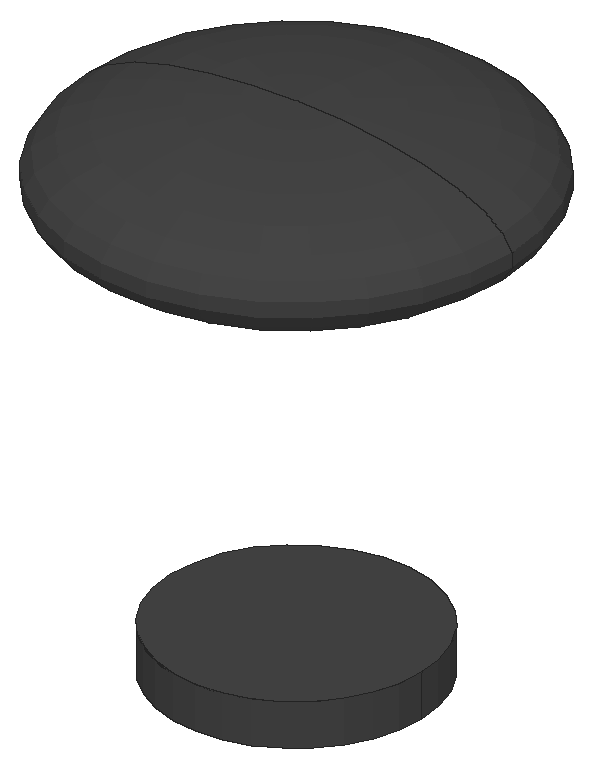
Revit family "Finca Palma", category Vegetación, Revit 2027
Family settings
  Se basa en plano de trabajo = No
  Siempre vertical = Sí
  Corte con vacíos al cargar = No
  Origen de apariencia de renderización = Geometría de familia
  Compartido = No
Parameters
  Elevación por defecto = 0 mm
  Altura = 0 mm
Reference planes
  plane 1 "Centro (Frontal/Posterior)": y = 0
  plane 2: z = 0
  plane 3 "Centro (Izquierda/Derecha)": x = 0
Forms (mm)
  Extrusion 1, solid, material "Finca - Tronco"
    sketch origin (0, 0, 0) x (1, 0, 0) y (0, 1, 0)
      loop
        circle (0, 0) r 15
    from 0 to 5
  Revolve 2, solid, material "Finca - Follaje"
    sketch origin (0, 0, 0) x (0, 0, 1) y (1, 0, 0)
      loop
        line (45, 0) -> (61, 0)
        spline (61, 0) -> (60.727, 6.729) -> (59.928, 13) -> (58.657, 18.385) -> (57, 22.517) -> (55.071, 25.114) -> (53, 26) -> (50.929, 25.114) -> (49, 22.517) -> (47.343, 18.385) -> (46.072, 13) -> (45.273, 6.729) -> (45, 0)
      axis (45, 0) -> (61, 0)
    angle from 0 to 360
Dimensions and locks
  aligned and locked: level to plane 2
